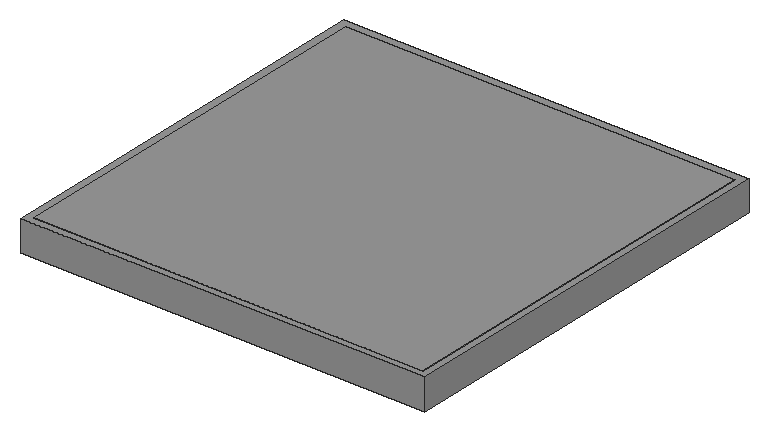
Revit family "ДВО-09 30 Вт Грильято DALI", category Осветительные приборы, Revit 2019 (continued)
Types (6, lengths in mm): name | Эффективность светильника | Файл фотометрической сетки | Тип рассеивателя | Световой поток модуля | built-in parameter 1150142 | Wattage | built-in parameter 1114217 | built-in parameter 1150134 | Lumens | built-in parameter 1150105 | Категория по ограничению яркости | built-in parameter 1150107 | built-in parameter 1150106 | Габаритная яркость | Артикул | URL
    419 417.9 417 415.6 414.6 413.2 412 410.4 409.1 407.5 405.9 404.3 402.7 401 399.2 397.4 395.8 393.9 392 390 388.2 385.9 383.9 381.5 379.4 376.7 374.4 371.5 369 365.7 363 359.5 356.5 352.5 349 344.9 341 336.3 332.2 327.3 322.9 317.5 312.9 307.6 303 297.5 292.8 287.6 283.2 277.8 273.4 268.5 264.4 259.6 255.5 251 247.1 242.6 238.7 234.4 230.6 226.2 222.3 218.1 214 209.8 206 201.7 197.8 193.5 189.7 185.4 181.5 177.3 173.5 169.3 165.6 161.5 157.9 153.9 150.3 146.4 143 139.2 135.8 132.1 128.9 125.3 122.1 118.7 115.7 112.2 109.2 105.9 103 99.8 97 93.8 91.1 88.2 85.4 82.5 80 77.2 74.6 71.9 69.6 66.9 64.6 62 59.7 57.2 55 52.6 50.5 48.2 46.3 44.3 42.5 40.6 39 37.3 36 34.3 33 31.6 30.3 29 27.8 26.5 25.4 24.1 22.9 21.7 20.6 19.3 18.2 17 15.9 14.6 13.4 12.2 11.1 9.8 8.7 7.6 6.6 5.7 5 4.3 4 3.7 3.5 3.4\r\n433.6 433.5 433.5 433.4 433.2 433 432.7 432.4 432.1 431.8 431.3 431 430.5 430.1 429.6 429.1 428.6 428 427.4 426.8 426 425.3 424.6 423.8 422.9 422.1 421 420.2 419.1 418.1 416.9 415.9 414.6 413.4 412 410.7 409.2 407.7 406 404.6 402.9 401.2 399.4 397.8 395.8 394 391.9 390 387.6 385.6 383.1 380.8 378 375.5 372.5 369.8 366.4 363.5 359.8 356.6 352.5 348.9 344.6 340.7 335.9 331.7 326.9 322.6 317.4 312.9 308 303.5 298.3 293.9 288.9 284.6 279.5 275.2 270.3 266.1 261.2 257.1 252.3 248.3 243.6 239.5 235.1 231.2 226.5 222.7 218.3 214.3 209.9 206.1 201.8 197.9 193.7 190.1 185.9 182.1 178 174.5 170.5 166.9 163 159.7 155.9 152.6 148.9 145.7 142.1 138.7 135.2 132.1 128.6 125.3 121.8 118.8 115.2 112.1 108.6 105.5 102.1 99 95.7 92.8 89.6 86.7 83.6 81 78 75.4 72.5 70.1 67.3 64.9 62.3 60.1 57.5 55.5 53.2 51.3 49.2 47.5 45.7 44.1 42.4 41 39.5 38.2 36.8 35.6 34.4 33.3 32.1 31 29.8 28.8 27.6 26.5 25.3 24.2 22.9 21.9 20.5 19.4 18 16.7 15.4 14.2 12.7 11.5 10.1 9 7.7 6.7 5.8 5.2 4.6 4.1 3.8\r\n433.7 433.7 433.8 433.8 433.7 433.4 433.2 432.8 432.5 432.2 431.9 431.5 431.2 430.8 430.3 429.9 429.5 428.9 428.3 427.7 427 426.3 425.6 424.8 423.9 423.2 422.1 421.3 420.2 419.2 418.2 417.1 416 414.9 413.5 412.3 410.9 409.4 407.8 406.4 404.7 403.2 401.4 399.8 397.7 395.9 393.8 391.8 389.2 387.2 384.6 382.2 379.2 376.6 373.5 370.7 367.1 363.9 360.2 356.7 352.5 348.7 344.3 340.3 335.5 331.3 326.5 322.3 317.2 313 308.3 304 299.1 295 290.2 286.1 281.1 276.9 272.1 267.8 262.8 258.6 253.7 249.6 244.6 240.3 235.8 231.7 226.9 223 218.5 214.5 210.1 206.2 202 198.1 194 190.4 186.3 182.7 178.8 175.4 171.6 168.3 164.6 161.5 158 154.8 151.3 148.4 144.9 141.7 138.3 135.3 131.8 128.5 125 121.9 118.2 114.9 111.2 108 104.4 101.1 97.6 94.5 91 88 84.7 81.9 78.8 76.1 73.1 70.6 67.7 65.3 62.7 60.5 57.9 55.9 53.8 52.1 50.2 48.6 47 45.6 44.1 42.9 41.7 40.5 39.3 38.3 37.2 36.3 35.2 34.3 33.2 32.2 31.1 30.1 28.9 27.8 26.6 25.5 24.1 22.9 21.4 20 18.5 17.2 15.6 14.2 12.6 11.3 9.8 8.4 7.3 6.3 5.5 4.8 4.3\r\n433.6 433.6 433.5 433.4 433.3 433.1 432.8 432.4 432.1 431.8 431.5 431.1 430.8 430.4 429.8 429.4 428.9 428.3 427.7 427.1 426.3 425.6 424.9 424.1 423.3 422.4 421.4 420.7 419.6 418.5 417.4 416.4 415.2 414.1 412.6 411.4 409.9 408.5 406.9 405.4 403.7 402.1 400.3 398.6 396.5 394.7 392.5 390.4 387.9 385.7 383.1 380.6 377.6 374.9 371.8 368.9 365.2 362.1 358.3 354.9 350.8 347.2 343 339.2 334.6 330.8 326.2 322.3 317.6 313.6 309.1 305.2 300.5 296.7 292.3 288.5 283.9 280.1 275.7 271.8 267.3 263.4 259 255.1 250.6 246.6 242.3 238.4 233.8 230 225.6 221.7 217.4 213.6 209.3 205.5 201.3 197.7 193.5 189.7 185.6 182 177.9 174.2 170 166.4 162.2 158.4 154.3 150.6 146.4 142.6 138.4 134.8 130.7 126.9 122.9 119.4 115.4 111.8 108 104.6 100.9 97.5 93.9 90.8 87.3 84.3 81 78.1 75 72.3 69.4 66.9 64.2 61.9 59.4 57.4 55.1 53.3 51.4 49.8 48.1 46.7 45.3 44.1 42.8 41.8 40.7 39.7 38.6 37.7 36.6 35.8 34.7 33.7 32.7 31.7 30.6 29.6 28.5 27.6 26.4 25.4 24.1 23 21.6 20.3 18.7 17.3 15.6 14.1 12.5 11.1 9.4 8.1 6.8 5.8 4.8 4.2 3.8\r\n433.4 433.4 433.2 433.1 432.9 432.7 432.4 432.1 431.8 431.4 431.1 430.8 430.4 429.9 429.3 428.9 428.3 427.7 427 426.4 425.7 424.9 424.2 423.4 422.6 421.7 420.8 420 418.9 417.9 416.7 415.7 414.4 413.2 411.7 410.5 409 407.7 405.9 404.5 402.7 401 399.2 397.4 395.2 393.5 391.2 389.1 386.6 384.2 381.6 379 375.9 373.2 370 367.1 363.4 360.2 356.5 353.1 349.1 345.7 341.6 338.1 333.8 330.2 326 322.4 317.9 314.3 310 306.4 302 298.4 294.3 290.9 286.6 283.3 279.2 275.8 271.8 268.2 264.3 260.7 256.5 252.9 248.8 245.2 240.8 237 232.7 229 224.7 221 216.7 212.8 208.6 204.9 200.6 196.7 192.4 188.6 184.2 180 175.4 171.2 166.5 162.1 157.2 152.8 147.8 143.5 138.5 134.3 129.5 125.3 120.8 117 112.6 108.7 104.7 101.2 97.4 93.9 90.3 87.1 83.6 80.6 77.2 74.4 71.3 68.5 65.7 63.2 60.6 58.5 56.2 54.4 52.3 50.7 49 47.5 46 44.7 43.6 42.7 41.5 40.7 39.8 38.9 38 37.1 36.1 35.2 34.2 33.2 32.1 31.2 30.1 29.1 28.1 27.3 26.2 25.3 24.2 23.1 21.8 20.5 18.9 17.4 15.6 14 12.3 10.8 9.1 7.7 6.2 5.2 4.1 3.6 3.3\r\n433.4 433.4 433.2 433.1 432.8 432.6 432.3 432 431.7 431.3 431 430.6 430.3 429.8 429.4 428.9 428.3 427.7 426.9 426.3 425.6 424.8 424 423.2 422.4 421.5 420.5 419.7 418.6 417.5 416.4 415.4 414.1 412.9 411.5 410.3 408.9 407.5 405.8 404.3 402.6 401 399.1 397.3 395.2 393.4 391.2 389.1 386.6 384.3 381.7 379.2 376.1 373.4 370.2 367.2 363.5 360.3 356.6 353.2 349.2 345.7 341.7 338.1 333.8 330.2 325.9 322.3 317.7 314.1 309.7 305.9 301.4 297.7 293.4 289.7 285.1 281.5 277.3 273.6 269.2 265.5 261.3 257.7 253.3 249.6 245.4 241.8 237.3 233.6 229.2 225.4 221.1 217.5 213.2 209.3 205.1 201.5 197.2 193.5 189.2 185.5 181.3 177.3 172.8 168.8 164.2 160 155.3 151.1 146.3 142 137.2 133 128.4 124.2 119.7 115.9 111.6 107.7 103.7 100.2 96.4 93 89.4 86.3 82.9 79.9 76.6 73.8 70.8 68.1 65.2 62.9 60.2 58.1 55.8 53.9 51.8 50.1 48.4 46.9 45.3 44 42.8 41.8 40.6 39.7 38.7 37.9 36.9 36.1 35.1 34.2 33.2 32.3 31.2 30.3 29.2 28.3 27.3 26.4 25.3 24.3 23.2 22.1 20.8 19.5 18 16.6 14.9 13.4 11.8 10.3 8.7 7.4 6 5 4 3.6 3.3\r\n433.4 433.4 433.2 433.1 432.8 432.5 432.2 431.9 431.6 431.2 430.8 430.5 430.2 429.8 429.4 428.8 428.3 427.7 426.9 426.2 425.5 424.7 423.8 422.9 422.2 421.2 420.2 419.3 418.3 417.2 416.2 415 413.9 412.7 411.3 410.1 408.7 407.3 405.7 404.2 402.6 400.9 399.1 397.3 395.2 393.3 391.1 389.1 386.6 384.3 381.8 379.3 376.2 373.5 370.3 367.3 363.7 360.4 356.7 353.4 349.3 345.8 341.8 338.2 333.9 330.1 325.9 322.2 317.6 313.8 309.4 305.5 300.9 297 292.4 288.4 283.6 279.8 275.3 271.3 266.6 262.8 258.4 254.6 250.1 246.4 242.1 238.4 233.9 230.1 225.7 221.8 217.6 213.9 209.6 205.8 201.6 198.1 193.9 190.2 186.1 182.5 178.4 174.5 170.3 166.4 162 158 153.4 149.4 144.8 140.5 135.9 131.8 127.3 123.1 118.6 114.8 110.6 106.7 102.8 99.3 95.5 92.1 88.6 85.5 82.1 79.1 75.9 73.3 70.3 67.6 64.8 62.5 59.8 57.7 55.4 53.5 51.2 49.6 47.7 46.3 44.5 43.3 42 40.9 39.7 38.7 37.7 36.9 35.9 35 34.1 33.2 32.2 31.4 30.3 29.4 28.4 27.5 26.4 25.6 24.4 23.4 22.2 21.1 19.7 18.5 17.1 15.7 14.2 12.8 11.3 9.8 8.2 7 5.7 4.8 4 3.5 3.3\r\n433.4 433.3 433.1 433 432.7 432.5 432.2 432 431.6 431.2 430.8 430.5 430 429.6 429.1 428.6 428.1 427.4 426.7 426 425.3 424.5 423.7 422.8 422 421.1 420.1 419.2 418.1 417.1 415.9 414.8 413.5 412.3 410.9 409.6 408.1 406.6 405 403.5 401.8 400.1 398.3 396.6 394.5 392.6 390.6 388.6 386.2 384.1 381.7 379.4 376.5 373.9 370.9 368.2 364.7 361.7 358.1 354.9 350.9 347.4 343.3 339.6 335.1 331.1 326.6 322.5 317.6 313.4 308.5 304.2 299.2 294.9 290 285.8 280.7 276.6 271.9 267.9 263.1 259.2 254.7 250.9 246.3 242.6 238.2 234.5 230 226.2 221.9 217.9 213.7 210 205.7 201.8 197.5 193.9 189.6 185.9 181.7 178 173.8 170 165.9 162.2 157.9 154.2 149.9 146.2 142 138.2 134 130.4 126.3 122.6 118.6 115.2 111.4 108 104.3 101.2 97.7 94.5 91.2 88.3 85.2 82.3 79.2 76.6 73.7 71.1 68.4 66.1 63.4 61.1 58.7 56.6 54.2 52.3 50.2 48.4 46.4 44.8 43.2 41.7 40.2 38.8 37.5 36.4 35.1 34 32.8 31.8 30.6 29.6 28.4 27.4 26.2 25.2 24.1 23.1 21.9 20.8 19.6 18.5 17.2 16 14.6 13.4 12 10.8 9.4 8.2 7 6 5 4.4 3.8 3.5 3.3\r\n433.4 433.2 433.1 432.9 432.7 432.5 432.2 432 431.6 431.3 430.8 430.5 429.9 429.4 428.8 428.4 427.8 427.1 426.4 425.8 425 424.3 423.6 422.7 421.9 421 419.9 419 417.9 417 415.6 414.6 413.2 412 410.4 409.1 407.5 405.9 404.3 402.7 401 399.2 397.4 395.8 393.9 392 390 388.2 385.9 383.9 381.5 379.4 376.7 374.4 371.5 369 365.7 363 359.5 356.5 352.5 349 344.9 341 336.3 332.2 327.3 322.9 317.5 312.9 307.6 303 297.5 292.8 287.6 283.2 277.8 273.4 268.5 264.4 259.6 255.5 251 247.1 242.6 238.7 234.4 230.6 226.2 222.3 218.1 214 209.8 206 201.7 197.8 193.5 189.7 185.4 181.5 177.3 173.5 169.3 165.6 161.5 157.9 153.9 150.3 146.4 143 139.2 135.8 132.1 128.9 125.3 122.1 118.7 115.7 112.2 109.2 105.9 103 99.8 97 93.8 91.1 88.2 85.4 82.5 80 77.2 74.6 71.9 69.6 66.9 64.6 62 59.7 57.2 55 52.6 50.5 48.2 46.3 44.3 42.5 40.6 39 37.3 36 34.3 33 31.6 30.3 29 27.8 26.5 25.4 24.1 22.9 21.7 20.6 19.3 18.2 17 15.9 14.6 13.4 12.2 11.1 9.8 8.7 7.6 6.6 5.7 5 4.3 4 3.7 3.5 3.4\r\n433.6 433.5 433.5 433.4 433.2 433 432.7 432.4 432.1 431.8 431.3 431 430.5 430.1 429.6 429.1 428.6 428 427.4 426.8 426 425.3 424.6 423.8 422.9 422.1 421 420.2 419.1 418.1 416.9 415.9 414.6 413.4 412 410.7 409.2 407.7 406 404.6 402.9 401.2 399.4 397.8 395.8 394 391.9 390 387.6 385.6 383.1 380.8 378 375.5 372.5 369.8 366.4 363.5 359.8 356.6 352.5 348.9 344.6 340.7 335.9 331.7 326.9 322.6 317.4 312.9 308 303.5 298.3 293.9 288.9 284.6 279.5 275.2 270.3 266.1 261.2 257.1 252.3 248.3 243.6 239.5 235.1 231.2 226.5 222.7 218.3 214.3 209.9 206.1 201.8 197.9 193.7 190.1 185.9 182.1 178 174.5 170.5 166.9 163 159.7 155.9 152.6 148.9 145.7 142.1 138.7 135.2 132.1 128.6 125.3 121.8 118.8 115.2 112.1 108.6 105.5 102.1 99 95.7 92.8 89.6 86.7 83.6 81 78 75.4 72.5 70.1 67.3 64.9 62.3 60.1 57.5 55.5 53.2 51.3 49.2 47.5 45.7 44.1 42.4 41 39.5 38.2 36.8 35.6 34.4 33.3 32.1 31 29.8 28.8 27.6 26.5 25.3 24.2 22.9 21.9 20.5 19.4 18 16.7 15.4 14.2 12.7 11.5 10.1 9 7.7 6.7 5.8 5.2 4.6 4.1 3.8\r\n433.7 433.7 433.8 433.8 433.7 433.4 433.2 432.8 432.5 432.2 431.9 431.5 431.2 430.8 430.3 429.9 429.5 428.9 428.3 427.7 427 426.3 425.6 424.8 423.9 423.2 422.1 421.3 420.2 419.2 418.2 417.1 416 414.9 413.5 412.3 410.9 409.4 407.8 406.4 404.7 403.2 401.4 399.8 397.7 395.9 393.8 391.8 389.2 387.2 384.6 382.2 379.2 376.6 373.5 370.7 367.1 363.9 360.2 356.7 352.5 348.7 344.3 340.3 335.5 331.3 326.5 322.3 317.2 313 308.3 304 299.1 295 290.2 286.1 281.1 276.9 272.1 267.8 262.8 258.6 253.7 249.6 244.6 240.3 235.8 231.7 226.9 223 218.5 214.5 210.1 206.2 202 198.1 194 190.4 186.3 182.7 178.8 175.4 171.6 168.3 164.6 161.5 158 154.8 151.3 148.4 144.9 141.7 138.3 135.3 131.8 128.5 125 121.9 118.2 114.9 111.2 108 104.4 101.1 97.6 94.5 91 88 84.7 81.9 78.8 76.1 73.1 70.6 67.7 65.3 62.7 60.5 57.9 55.9 53.8 52.1 50.2 48.6 47 45.6 44.1 42.9 41.7 40.5 39.3 38.3 37.2 36.3 35.2 34.3 33.2 32.2 31.1 30.1 28.9 27.8 26.6 25.5 24.1 22.9 21.4 20 18.5 17.2 15.6 14.2 12.6 11.3 9.8 8.4 7.3 6.3 5.5 4.8 4.3\r\n433.6 433.6 433.5 433.4 433.3 433.1 432.8 432.4 432.1 431.8 431.5 431.1 430.8 430.4 429.8 429.4 428.9 428.3 427.7 427.1 426.3 425.6 424.9 424.1 423.3 422.4 421.4 420.7 419.6 418.5 417.4 416.4 415.2 414.1 412.6 411.4 409.9 408.5 406.9 405.4 403.7 402.1 400.3 398.6 396.5 394.7 392.5 390.4 387.9 385.7 383.1 380.6 377.6 374.9 371.8 368.9 365.2 362.1 358.3 354.9 350.8 347.2 343 339.2 334.6 330.8 326.2 322.3 317.6 313.6 309.1 305.2 300.5 296.7 292.3 288.5 283.9 280.1 275.7 271.8 267.3 263.4 259 255.1 250.6 246.6 242.3 238.4 233.8 230 225.6 221.7 217.4 213.6 209.3 205.5 201.3 197.7 193.5 189.7 185.6 182 177.9 174.2 170 166.4 162.2 158.4 154.3 150.6 146.4 142.6 138.4 134.8 130.7 126.9 122.9 119.4 115.4 111.8 108 104.6 100.9 97.5 93.9 90.8 87.3 84.3 81 78.1 75 72.3 69.4 66.9 64.2 61.9 59.4 57.4 55.1 53.3 51.4 49.8 48.1 46.7 45.3 44.1 42.8 41.8 40.7 39.7 38.6 37.7 36.6 35.8 34.7 33.7 32.7 31.7 30.6 29.6 28.5 27.6 26.4 25.4 24.1 23 21.6 20.3 18.7 17.3 15.6 14.1 12.5 11.1 9.4 8.1 6.8 5.8 4.8 4.2 3.8\r\n433.4 433.4 433.2 433.1 432.9 432.7 432.4 432.1 431.8 431.4 431.1 430.8 430.4 429.9 429.3 428.9 428.3 427.7 427 426.4 425.7 424.9 424.2 423.4 422.6 421.7 420.8 420 418.9 417.9 416.7 415.7 414.4 413.2 411.7 410.5 409 407.7 405.9 404.5 402.7 401 399.2 397.4 395.2 393.5 391.2 389.1 386.6 384.2 381.6 379 375.9 373.2 370 367.1 363.4 360.2 356.5 353.1 349.1 345.7 341.6 338.1 333.8 330.2 326 322.4 317.9 314.3 310 306.4 302 298.4 294.3 290.9 286.6 283.3 279.2 275.8 271.8 268.2 264.3 260.7 256.5 252.9 248.8 245.2 240.8 237 232.7 229 224.7 221 216.7 212.8 208.6 204.9 200.6 196.7 192.4 188.6 184.2 180 175.4 171.2 166.5 162.1 157.2 152.8 147.8 143.5 138.5 134.3 129.5 125.3 120.8 117 112.6 108.7 104.7 101.2 97.4 93.9 90.3 87.1 83.6 80.6 77.2 74.4 71.3 68.5 65.7 63.2 60.6 58.5 56.2 54.4 52.3 50.7 49 47.5 46 44.7 43.6 42.7 41.5 40.7 39.8 38.9 38 37.1 36.1 35.2 34.2 33.2 32.1 31.2 30.1 29.1 28.1 27.3 26.2 25.3 24.2 23.1 21.8 20.5 18.9 17.4 15.6 14 12.3 10.8 9.1 7.7 6.2 5.2 4.1 3.6 3.3\r\n433.4 433.4 433.2 433.1 432.8 432.6 432.3 432 431.7 431.3 431 430.6 430.3 429.8 429.4 428.9 428.3 427.7 426.9 426.3 425.6 424.8 424 423.2 422.4 421.5 420.5 419.7 418.6 417.5 416.4 415.4 414.1 412.9 411.5 410.3 408.9 407.5 405.8 404.3 402.6 401 399.1 397.3 395.2 393.4 391.2 389.1 386.6 384.3 381.7 379.2 376.1 373.4 370.2 367.2 363.5 360.3 356.6 353.2 349.2 345.7 341.7 338.1 333.8 330.2 325.9 322.3 317.7 314.1 309.7 305.9 301.4 297.7 293.4 289.7 285.1 281.5 277.3 273.6 269.2 265.5 261.3 257.7 253.3 249.6 245.4 241.8 237.3 233.6 229.2 225.4 221.1 217.5 213.2 209.3 205.1 201.5 197.2 193.5 189.2 185.5 181.3 177.3 172.8 168.8 164.2 160 155.3 151.1 146.3 142 137.2 133 128.4 124.2 119.7 115.9 111.6 107.7 103.7 100.2 96.4 93 89.4 86.3 82.9 79.9 76.6 73.8 70.8 68.1 65.2 62.9 60.2 58.1 55.8 53.9 51.8 50.1 48.4 46.9 45.3 44 42.8 41.8 40.6 39.7 38.7 37.9 36.9 36.1 35.1 34.2 33.2 32.3 31.2 30.3 29.2 28.3 27.3 26.4 25.3 24.3 23.2 22.1 20.8 19.5 18 16.6 14.9 13.4 11.8 10.3 8.7 7.4 6 5 4 3.6 3.3\r\n433.4 433.4 433.2 433.1 432.8 432.5 432.2 431.9 431.6 431.2 430.8 430.5 430.2 429.8 429.4 428.8 428.3 427.7 426.9 426.2 425.5 424.7 423.8 422.9 422.2 421.2 420.2 419.3 418.3 417.2 416.2 415 413.9 412.7 411.3 410.1 408.7 407.3 405.7 404.2 402.6 400.9 399.1 397.3 395.2 393.3 391.1 389.1 386.6 384.3 381.8 379.3 376.2 373.5 370.3 367.3 363.7 360.4 356.7 353.4 349.3 345.8 341.8 338.2 333.9 330.1 325.9 322.2 317.6 313.8 309.4 305.5 300.9 297 292.4 288.4 283.6 279.8 275.3 271.3 266.6 262.8 258.4 254.6 250.1 246.4 242.1 238.4 233.9 230.1 225.7 221.8 217.6 213.9 209.6 205.8 201.6 198.1 193.9 190.2 186.1 182.5 178.4 174.5 170.3 166.4 162 158 153.4 149.4 144.8 140.5 135.9 131.8 127.3 123.1 118.6 114.8 110.6 106.7 102.8 99.3 95.5 92.1 88.6 85.5 82.1 79.1 75.9 73.3 70.3 67.6 64.8 62.5 59.8 57.7 55.4 53.5 51.2 49.6 47.7 46.3 44.5 43.3 42 40.9 39.7 38.7 37.7 36.9 35.9 35 34.1 33.2 32.2 31.4 30.3 29.4 28.4 27.5 26.4 25.6 24.4 23.4 22.2 21.1 19.7 18.5 17.1 15.7 14.2 12.8 11.3 9.8 8.2 7 5.7 4.8 4 3.5 3.3\r\n433.4 433.3 433.1 433 432.7 432.5 432.2 432 431.6 431.2 430.8 430.5 430 429.6 429.1 428.6 428.1 427.4 426.7 426 425.3 424.5 423.7 422.8 422 421.1 420.1 419.2 418.1 417.1 415.9 414.8 413.5 412.3 410.9 409.6 408.1 406.6 405 403.5 401.8 400.1 398.3 396.6 394.5 392.6 390.6 388.6 386.2 384.1 381.7 379.4 376.5 373.9 370.9 368.2 364.7 361.7 358.1 354.9 350.9 347.4 343.3 339.6 335.1 331.1 326.6 322.5 317.6 313.4 308.5 304.2 299.2 294.9 290 285.8 280.7 276.6 271.9 267.9 263.1 259.2 254.7 250.9 246.3 242.6 238.2 234.5 230 226.2 221.9 217.9 213.7 210 205.7 201.8 197.5 193.9 189.6 185.9 181.7 178 173.8 170 165.9 162.2 157.9 154.2 149.9 146.2 142 138.2 134 130.4 126.3 122.6 118.6 115.2 111.4 108 104.3 101.2 97.7 94.5 91.2 88.3 85.2 82.3 79.2 76.6 73.7 71.1 68.4 66.1 63.4 61.1 58.7 56.6 54.2 52.3 50.2 48.4 46.4 44.8 43.2 41.7 40.2 38.8 37.5 36.4 35.1 34 32.8 31.8 30.6 29.6 28.4 27.4 26.2 25.2 24.1 23.1 21.9 20.8 19.6 18.5 17.2 16 14.6 13.4 12 10.8 9.4 8.2 7 6 5 4.4 3.8 3.5 3.3\r\n433.4 433.2 433.1 432.9 432.7 432.5 432.2 432 431.6 431.3 430.8 430.5 429.9 429.4 428.8 428.4 427.8 427.1 426.4 425.8 425 424.3 423.6 422.7 421.9 421 419.9 419 417.9 417 415.6 414.6 413.2 412 410.4 409.1 407.5 405.9 404.3 402.7 401 399.2 397.4 395.8 393.9 392 390 388.2 385.9 383.9 381.5 379.4 376.7 374.4 371.5 369 365.7 363 359.5 356.5 352.5 349 344.9 341 336.
